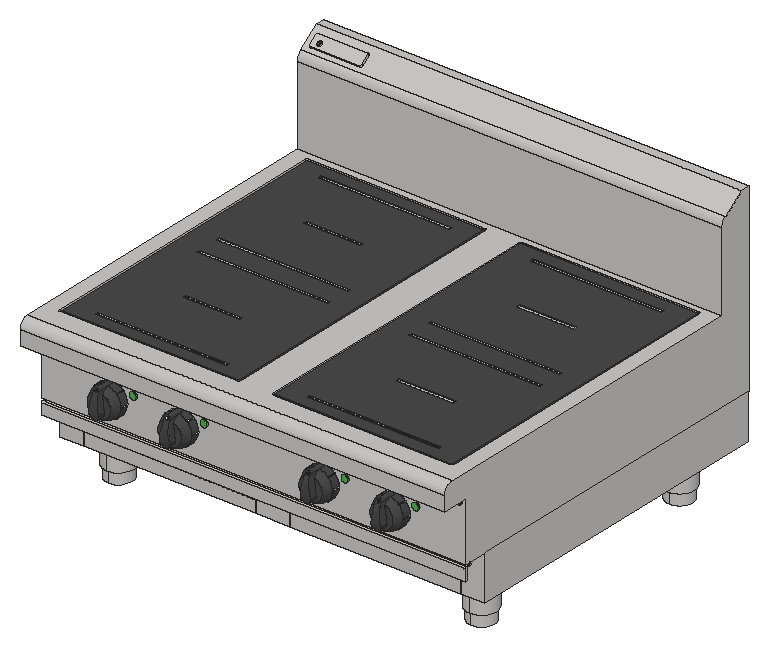
Revit family "QF_Moffat_IN8400R5-B_Induction Cooktop_cat", category Specialty Equipment, Revit 2019
Family settings
  Round Connector Dimension = Use Diameter
  Part Type = Normal
  Work Plane-Based = No
  Always vertical = Yes
  Cut with Voids When Loaded = No
  Shared = No
  Room Calculation Point = No
Parameters (values of type "INB8400R5-B_415/60/3")
  Weight in Kilograms = 105
  Watts = 20000 W
  Volts = 415 V
  URL Cutsheet = ""
  Specification by User = ""
  Specification by Manufacturer = ""
  Show Logo [instance] = yes
  Serial Number = ""
  Seismic Rating = ""
  SMACNA No = ""
  Revision Code = ""
  Phase = 3
  Number of Poles = 1
  NAFEM Spec ID Number = ""
  Model = "IN8400R5-B"
  Min Ckt Ampacity = 0 A
  Max Overcurrent Protection = 0 A
  Masterspec = ""
  Manufacturer = "Moffat"
  Length = 900 mm
  Item Number = ""
  Installed By = ""
  Identify Quantity as Lot = yes
  Height = 570 mm
  HP = ""
  Furnished By = ""
  Foodservice Equipment Identifier = yes
  FL Amps = 28 A
  Electrical Remarks = ""
  Electric Connection Type = ""
  Elec Conn RI Height = 0 mm
  Elec Conn Connection Height = 0 mm
  Description = "Induction Cooktop"
  Depth = 805 mm
  Cycle = 60 Hz
  Conn Plug = ""
  Conn Conduit = yes
  CSI MasterFormat = ""
  Apparent Power = if(Phase = 3, Volts * FL Amps * 1.73, Volts * FL Amps)  # 20102.6 VA
Reference planes
  plane 1 "BACK": y = 0
  plane 2: z = 0
  plane 3 "LEFT": x = 0
  plane 4 "RIGHT": x = 900
  plane 5 "FRONT": y = -805
  plane 6 "TOP": z = 570
  plane 7 "Center Y": x = 450
  plane 8 "Center X": y = -402.5
  plane 9: x = 65.5
  plane 10: y = -30
  plane 11: x = 770
  plane 12: z = 85
  plane 13: y = -100
  plane 14: y = -625
  plane 15: y = -70
  plane 16: z = 355
  plane 17: z = 75
  plane 18: x = 834.5
Forms (mm)
  Extrusion 1, solid, material "QF_Metal_Stainless_Polished"
    sketch origin (0, 0, 0) x (0, 1, 0) y (0, 0, 1)
      loop
        line (0, 180) -> (0, 570) -> (-18.182, 570) -> (-60.863, 538.99)
        arc (-60.863, 538.99) -> (-67.584, 531.121) -> (-70, 521.058) r 22.165
        line (-70, 521.058) -> (-70, 355) -> (-784.417, 355)
        arc (-784.417, 355) -> (-798.971, 348.971) -> (-805, 334.417) r 20.583
        line (-805, 334.417) -> (-805, 305) -> (-749, 305) -> (-749, 180) -> (0, 180)
    from 0 to 900
  Extrusion 2, void
    sketch origin (0, -784.171, 355) x (0, 1, 0) y (-1, 0, 0)
      loop
        arc (699.341, -37.323) -> (697.584, -33.08) -> (693.341, -31.323) r 6
        line (693.341, -31.323) -> (45.245, -31.323)
        arc (45.245, -31.323) -> (41.002, -33.08) -> (39.245, -37.323) r 6
        line (39.245, -37.323) -> (39.245, -410.105)
        arc (39.245, -410.105) -> (41.002, -414.347) -> (45.245, -416.105) r 6
        line (45.245, -416.105) -> (693.341, -416.105)
        arc (693.341, -416.105) -> (697.584, -414.347) -> (699.341, -410.105) r 6
        line (699.341, -410.105) -> (699.341, -37.323)
      loop
        line (699.341, -862.677) -> (699.341, -489.895)
        arc (699.341, -489.895) -> (697.584, -485.653) -> (693.341, -483.895) r 6
        line (693.341, -483.895) -> (45.245, -483.895)
        arc (45.245, -483.895) -> (41.002, -485.653) -> (39.245, -489.895) r 6
        line (39.245, -489.895) -> (39.245, -862.677)
        arc (39.245, -862.677) -> (41.002, -866.92) -> (45.245, -868.677) r 6
        line (45.245, -868.677) -> (693.341, -868.677)
        arc (693.341, -868.677) -> (697.584, -866.92) -> (699.341, -862.677) r 6
    from 0 to -9.5
  Extrusion 3, solid, material "QF_Plastic_Black_Smooth"
    sketch origin (0, -784.171, 355) x (0, 1, 0) y (-1, 0, 0)
      loop
        line (695.341, -410.105) -> (695.341, -37.323)
        arc (695.341, -37.323) -> (694.755, -35.908) -> (693.341, -35.323) r 2
        line (693.341, -35.323) -> (45.245, -35.323)
        arc (45.245, -35.323) -> (43.831, -35.908) -> (43.245, -37.323) r 2
        line (43.245, -37.323) -> (43.245, -410.105)
        arc (43.245, -410.105) -> (43.831, -411.519) -> (45.245, -412.105) r 2
        line (45.245, -412.105) -> (693.341, -412.105)
        arc (693.341, -412.105) -> (694.755, -411.519) -> (695.341, -410.105) r 2
      loop
        line (667.194, -86.598) -> (661.194, -86.598) -> (661.194, -363.75) -> (667.194, -363.75) -> (667.194, -86.598)
      loop
        line (526.611, -163.924) -> (526.611, -283.924) -> (532.611, -283.924) -> (532.611, -163.924) -> (526.611, -163.924)
      loop
        line (398.444, -86.598) -> (392.444, -86.598) -> (392.444, -363.75) -> (398.444, -363.75) -> (398.444, -86.598)
      loop
        line (345.944, -86.598) -> (339.944, -86.598) -> (339.944, -363.75) -> (345.944, -363.75) -> (345.944, -86.598)
      loop
        line (206.611, -163.924) -> (206.611, -283.924) -> (212.611, -283.924) -> (212.611, -163.924) -> (206.611, -163.924)
      loop
        line (77.194, -86.598) -> (71.194, -86.598) -> (71.194, -363.75) -> (77.194, -363.75) -> (77.194, -86.598)
      loop
        arc (695.341, -489.895) -> (694.755, -488.481) -> (693.341, -487.895) r 2
        line (693.341, -487.895) -> (45.245, -487.895)
        arc (45.245, -487.895) -> (43.831, -488.481) -> (43.245, -489.895) r 2
        line (43.245, -489.895) -> (43.245, -862.677)
        arc (43.245, -862.677) -> (43.831, -864.092) -> (45.245, -864.677) r 2
        line (45.245, -864.677) -> (693.341, -864.677)
        arc (693.341, -864.677) -> (694.755, -864.092) -> (695.341, -862.677) r 2
        line (695.341, -862.677) -> (695.341, -489.895)
      loop
        line (667.194, -813.402) -> (667.194, -536.25) -> (661.194, -536.25) -> (661.194, -813.402) -> (667.194, -813.402)
      loop
        line (526.611, -736.076) -> (532.611, -736.076) -> (532.611, -616.076) -> (526.611, -616.076) -> (526.611, -736.076)
      loop
        line (398.444, -813.402) -> (398.444, -536.25) -> (392.444, -536.25) -> (392.444, -813.402) -> (398.444, -813.402)
      loop
        line (345.944, -813.402) -> (345.944, -536.25) -> (339.944, -536.25) -> (339.944, -813.402) -> (345.944, -813.402)
      loop
        line (206.611, -736.076) -> (212.611, -736.076) -> (212.611, -616.076) -> (206.611, -616.076) -> (206.611, -736.076)
      loop
        line (77.194, -813.402) -> (77.194, -536.25) -> (71.194, -536.25) -> (71.194, -813.402) -> (77.194, -813.402)
    from 0 to -9.5
  Extrusion 4, solid, material "QF_Metal_Stainless_Polished"
    sketch origin (0, 0, 40) x (0, 1, 0) y (0, 0, 1)
      loop
        line (-739.467, 140) -> (-738.192, 134.838)
        arc (-738.192, 134.838) -> (-738.307, 134.302) -> (-738.799, 134.063) r 0.625
        line (-738.799, 134.063) -> (-746.111, 134.063)
        arc (-746.111, 134.063) -> (-748.011, 133.276) -> (-748.797, 131.377) r 2.686
        line (-748.797, 131.377) -> (-748.797, 107.627) -> (-747.197, 107.627) -> (-747.197, 131.242)
        arc (-747.197, 131.242) -> (-746.84, 132.105) -> (-745.976, 132.463) r 1.221
        line (-745.976, 132.463) -> (-738.755, 132.463)
        arc (-738.755, 132.463) -> (-737.028, 133.304) -> (-736.625, 135.182) r 2.194
        line (-736.625, 135.182) -> (-737.815, 140) -> (-739.467, 140)
    from 0 to 900
  Extrusion 5, solid, material "QF_Plastic_Black_Smooth"
    sketch origin (0, -749, 181.875) x (0, 0, 1) y (-1, 0, 0)
      loop
        circle (112.843, -13.157) r 5
      loop
        circle (112.843, -886.843) r 5
    from 0 to 1.6
  Extrusion 6, solid, material "QF_Metal_Stainless_Polished"
    sketch origin (450, -699, 85) x (0, 1, 0) y (1, 0, 0)
      loop
        circle (669, 320) r 6.35
    from 0 to 10
  Extrusion 7, solid, material "QF_Metal_Stainless_Polished"
    sketch origin (0, -699, 85) x (1, 0, 0) y (0, -1, 0)
      loop
        line (0, -699) -> (900, -699) -> (900, 0) -> (849.2, 0) -> (849.2, -25.4) -> (485.8, -25.4) -> (485.8, 0) -> (414.2, 0) -> (414.2, -25.4) -> (50.8, -25.4) -> (50.8, 0) -> (0, 0) -> (0, -699)
    from 0 to -95
  Extrusion 8, solid, material "QF_Metal_Stainless_Polished"
    sketch origin (50.8, -30, 85) x (0, 1, 0) y (0, 0, 1)
      loop
        line (-669, 0) -> (-643.6, 0) -> (-643.6, 26.45) -> (-669, 26.45) -> (-669, 0)
      loop
        line (-669, 32.45) -> (-643.6, 32.45) -> (-643.6, 66.4) -> (-669, 66.4) -> (-669, 32.45)
      loop
        line (-669, 67.4) -> (-643.6, 67.4) -> (-643.6, 95) -> (-669, 95) -> (-669, 67.4)
    from 0 to 363.4
  Revolve 9, solid, material "QF_Metal_Stainless_Polished"
    sketch origin (65.5, -4572, -304.8) x (0, 0, -1) y (0, -1, 0)
      loop
        line (-304.8, -4499.5) -> (-304.8, -4472) -> (-389.8, -4472) -> (-389.8, -4503.75) -> (-329.8, -4503.75) -> (-329.8, -4499.5) -> (-304.8, -4499.5)
      axis (-389.8, -4472) -> (-304.8, -4472)
    angle from 0 to 360
  Revolve 10, solid, material "QF_Metal_Stainless_Polished"
    sketch origin (65.5, -4572, -304.8) x (0, 0, -1) y (0, -1, 0)
      loop
        line (-304.8, -3974.5) -> (-304.8, -3947) -> (-389.8, -3947) -> (-389.8, -3978.75) -> (-329.8, -3978.75) -> (-329.8, -3974.5) -> (-304.8, -3974.5)
      axis (-389.8, -3947) -> (-304.8, -3947)
    angle from 0 to 360
  Revolve 11, solid, material "QF_Metal_Stainless_Polished"
    sketch origin (834.5, -4572, -304.8) x (0, 0, -1) y (0, 1, 0)
      loop
        line (-304.8, 4499.5) -> (-329.8, 4499.5) -> (-329.8, 4503.75) -> (-389.8, 4503.75) -> (-389.8, 4472) -> (-304.8, 4472) -> (-304.8, 4499.5)
      axis (-389.8, 4472) -> (-304.8, 4472)
    angle from 0 to 360
  Revolve 12, solid, material "QF_Metal_Stainless_Polished"
    sketch origin (834.5, -4572, -304.8) x (0, 0, -1) y (0, 1, 0)
      loop
        line (-304.8, 3974.5) -> (-329.8, 3974.5) -> (-329.8, 3978.75) -> (-389.8, 3978.75) -> (-389.8, 3947) -> (-304.8, 3947) -> (-304.8, 3974.5)
      axis (-389.8, 3947) -> (-304.8, 3947)
    angle from 0 to 360
  Extrusion 13, solid, material "QF_Metal_Stainless_Polished"
    sketch origin (900, 0, 0) x (-1, 0, 0) y (0, -1, 0)
      loop
        line (536.25, 122.976) -> (536.25, 116.976) -> (813.402, 116.976) -> (813.402, 122.976) -> (536.25, 122.976)
      loop
        line (736.076, 251.56) -> (736.076, 257.56) -> (616.076, 257.56) -> (616.076, 251.56) -> (736.076, 251.56)
      loop
        line (813.402, 385.726) -> (813.402, 391.726) -> (536.25, 391.726) -> (536.25, 385.726) -> (813.402, 385.726)
      loop
        line (813.402, 438.226) -> (813.402, 444.226) -> (536.25, 444.226) -> (536.25, 438.226) -> (813.402, 438.226)
      loop
        line (736.076, 571.56) -> (736.076, 577.56) -> (616.076, 577.56) -> (616.076, 571.56) -> (736.076, 571.56)
      loop
        line (536.25, 712.976) -> (536.25, 706.976) -> (813.402, 706.976) -> (813.402, 712.976) -> (536.25, 712.976)
      loop
        line (363.75, 122.976) -> (86.598, 122.976) -> (86.598, 116.976) -> (363.75, 116.976) -> (363.75, 122.976)
      loop
        line (163.924, 251.56) -> (283.924, 251.56) -> (283.924, 257.56) -> (163.924, 257.56) -> (163.924, 251.56)
      loop
        line (86.598, 385.726) -> (363.75, 385.726) -> (363.75, 391.726) -> (86.598, 391.726) -> (86.598, 385.726)
      loop
        line (86.598, 438.226) -> (363.75, 438.226) -> (363.75, 444.226) -> (86.598, 444.226) -> (86.598, 438.226)
      loop
        line (163.924, 571.56) -> (283.924, 571.56) -> (283.924, 577.56) -> (163.924, 577.56) -> (163.924, 571.56)
      loop
        line (363.75, 712.976) -> (86.598, 712.976) -> (86.598, 706.976) -> (363.75, 706.976) -> (363.75, 712.976)
    from 355 to 345.5
  Extrusion 14, solid, material "QF_Paint_Green"
    sketch origin (63.231, -748.999, 153.75) x (0, 0, 1) y (-1, 0, 0)
      loop
        circle (100.3, -282.5) r 7.15
    from 0 to 1.6
  Extrusion 15, solid, material "QF_Plastic_Black_Smooth"
    sketch origin (75, -748.999, 165.625) x (0, 0, 1) y (-1, 0, 0)
      loop
        circle (112.843, -225) r 5
    from 0 to 1.6
  Extrusion 16, solid, material "QF_Paint_Green"
    sketch origin (-86.769, -748.999, 153.75) x (0, 0, 1) y (-1, 0, 0)
      loop
        circle (100.3, -282.5) r 7.15
    from 0 to 1.6
  Extrusion 17, solid, material "QF_Plastic_Black_Smooth"
    sketch origin (-75, -748.999, 165.625) x (0, 0, 1) y (-1, 0, 0)
      loop
        circle (112.843, -225) r 5
    from 0 to 1.6
  Extrusion 18, solid, material "QF_Paint_Green"
    sketch origin (511.981, -748.999, 153.75) x (0, 0, 1) y (-1, 0, 0)
      loop
        circle (100.3, -282.5) r 7.15
    from 0 to 1.6
  Extrusion 19, solid, material "QF_Plastic_Black_Smooth"
    sketch origin (523.75, -748.999, 165.625) x (0, 0, 1) y (-1, 0, 0)
      loop
        circle (112.843, -225) r 5
    from 0 to 1.6
  Extrusion 20, solid, material "QF_Paint_Green"
    sketch origin (361.981, -748.999, 153.75) x (0, 0, 1) y (-1, 0, 0)
      loop
        circle (100.3, -282.5) r 7.15
    from 0 to 1.6
  Extrusion 21, solid, material "QF_Plastic_Black_Smooth"
    sketch origin (373.75, -748.999, 165.625) x (0, 0, 1) y (-1, 0, 0)
      loop
        circle (112.843, -225) r 5
    from 0 to 1.6
  Extrusion 22, solid, material "QF_Metal_Stainless_Polished"
    sketch origin (849.2, -30, 85) x (0, 1, 0) y (0, 0, -1)
      loop
        line (-669, 0) -> (-669, -26.45) -> (-643.6, -26.45) -> (-643.6, 0) -> (-669, 0)
      loop
        line (-669, -32.45) -> (-669, -66.4) -> (-643.6, -66.4) -> (-643.6, -32.45) -> (-669, -32.45)
      loop
        line (-669, -67.4) -> (-669, -95) -> (-643.6, -95) -> (-643.6, -67.4) -> (-669, -67.4)
    from 0 to 363.4
Cuts and joins
  Extrusion 2 cuts Extrusion 1
Lines and regions (mm)
  symbolic lines
    curve 1: line (0, 0, 0) -> (900, 0, 0)
    curve 2: line (0, -805, 0) -> (0, 0, 0)
    curve 3: line (900, -805, 0) -> (0, -805, 0)
    curve 4: line (900, 0, 0) -> (900, -805, 0)
    curve 5: line (0, -18.182, 0) -> (900, -18.182, 0)
    curve 6: line (0, -70, 0) -> (900, -70, 0)
    curve 7: line (37.323, -84.83, 0) -> (410.105, -84.83, 0)
    curve 8: arc (410.105, -84.83, 0) -> (414.347, -86.587, 0) -> (416.105, -90.83, 0) r 6
    curve 9: line (416.105, -90.83, 0) -> (416.105, -738.926, 0)
    curve 10: arc (416.105, -738.926, 0) -> (414.347, -743.168, 0) -> (410.105, -744.926, 0) r 6
    curve 11: line (410.105, -744.926, 0) -> (37.323, -744.926, 0)
    curve 12: arc (37.323, -744.926, 0) -> (33.08, -743.168, 0) -> (31.323, -738.926, 0) r 6
    curve 13: line (31.323, -738.926, 0) -> (31.323, -90.83, 0)
    curve 14: arc (31.323, -90.83, 0) -> (33.08, -86.587, 0) -> (37.323, -84.83, 0) r 6
    curve 15: line (410.105, -88.83, 0) -> (37.323, -88.83, 0)
    curve 16: arc (37.323, -88.83, 0) -> (35.908, -89.415, 0) -> (35.323, -90.83, 0) r 2
    curve 17: line (35.323, -90.83, 0) -> (35.323, -738.926, 0)
    curve 18: arc (35.323, -738.926, 0) -> (35.908, -740.34, 0) -> (37.323, -740.926, 0) r 2
    curve 19: line (37.323, -740.926, 0) -> (410.105, -740.926, 0)
    curve 20: arc (410.105, -740.926, 0) -> (411.519, -740.34, 0) -> (412.105, -738.926, 0) r 2
    curve 21: line (412.105, -738.926, 0) -> (412.105, -90.83, 0)
    curve 22: arc (412.105, -90.83, 0) -> (411.519, -89.415, 0) -> (410.105, -88.83, 0) r 2
    curve 23: line (416.105, -738.926, 0) -> (416.105, -90.83, 0)
    curve 24: line (412.105, -90.83, 0) -> (412.105, -738.926, 0)
    curve 25: line (862.677, -84.83, 0) -> (489.895, -84.83, 0)
    curve 26: arc (489.895, -84.83, 0) -> (485.653, -86.587, 0) -> (483.895, -90.83, 0) r 6
    curve 27: arc (483.895, -738.926, 0) -> (485.653, -743.168, 0) -> (489.895, -744.926, 0) r 6
    curve 28: line (489.895, -744.926, 0) -> (862.677, -744.926, 0)
    curve 29: arc (862.677, -744.926, 0) -> (866.92, -743.168, 0) -> (868.677, -738.926, 0) r 6
    curve 30: line (868.677, -738.926, 0) -> (868.677, -90.83, 0)
    curve 31: arc (868.677, -90.83, 0) -> (866.92, -86.587, 0) -> (862.677, -84.83, 0) r 6
    curve 32: line (489.895, -88.83, 0) -> (862.677, -88.83, 0)
    curve 33: arc (862.677, -88.83, 0) -> (864.092, -89.415, 0) -> (864.677, -90.83, 0) r 2
    curve 34: line (864.677, -90.83, 0) -> (864.677, -738.926, 0)
    curve 35: arc (864.677, -738.926, 0) -> (864.092, -740.34, 0) -> (862.677, -740.926, 0) r 2
    curve 36: line (862.677, -740.926, 0) -> (489.895, -740.926, 0)
    curve 37: arc (489.895, -740.926, 0) -> (488.481, -740.34, 0) -> (487.895, -738.926, 0) r 2
    curve 38: arc (487.895, -90.83, 0) -> (488.481, -89.415, 0) -> (489.895, -88.83, 0) r 2
    curve 39: line (487.895, -90.83, 0) -> (487.895, -738.926, 0)
    curve 40: arc (487.895, -738.926, 0) -> (488.481, -740.34, 0) -> (489.895, -740.926, 0) r 2
    curve 41: line (489.895, -740.926, 0) -> (862.677, -740.926, 0)
    curve 42: arc (862.677, -740.926, 0) -> (864.092, -740.34, 0) -> (864.677, -738.926, 0) r 2
    curve 43: line (864.677, -738.926, 0) -> (864.677, -90.83, 0)
    curve 44: arc (864.677, -90.83, 0) -> (864.092, -89.415, 0) -> (862.677, -88.83, 0) r 2
    curve 45: line (862.677, -88.83, 0) -> (489.895, -88.83, 0)
    curve 46: arc (489.895, -88.83, 0) -> (488.481, -89.415, 0) -> (487.895, -90.83, 0) r 2
    curve 47: line (483.895, -90.83, 0) -> (483.895, -738.926, 0)
    curve 48: arc (483.895, -738.926, 0) -> (485.653, -743.168, 0) -> (489.895, -744.926, 0) r 6
    curve 49: line (489.895, -744.926, 0) -> (862.677, -744.926, 0)
    curve 50: arc (862.677, -744.926, 0) -> (866.92, -743.168, 0) -> (868.677, -738.926, 0) r 6
    curve 51: line (868.677, -738.926, 0) -> (868.677, -90.83, 0)
    curve 52: arc (868.677, -90.83, 0) -> (866.92, -86.587, 0) -> (862.677, -84.83, 0) r 6
    curve 53: line (862.677, -84.83, 0) -> (489.895, -84.83, 0)
    curve 54: arc (489.895, -84.83, 0) -> (485.653, -86.587, 0) -> (483.895, -90.83, 0) r 6
    curve 55: line (86.598, -122.976, 0) -> (363.75, -122.976, 0)
    curve 56: line (363.75, -122.976, 0) -> (363.75, -116.976, 0)
    curve 57: line (363.75, -116.976, 0) -> (86.598, -116.976, 0)
    curve 58: line (86.598, -116.976, 0) -> (86.598, -122.976, 0)
    curve 59: line (283.924, -251.56, 0) -> (163.924, -251.56, 0)
    curve 60: line (163.924, -251.56, 0) -> (163.924, -257.56, 0)
    curve 61: line (163.924, -257.56, 0) -> (283.924, -257.56, 0)
    curve 62: line (283.924, -257.56, 0) -> (283.924, -251.56, 0)
    curve 63: line (536.25, -122.976, 0) -> (813.402, -122.976, 0)
    curve 64: line (813.402, -122.976, 0) -> (813.402, -116.976, 0)
    curve 65: line (813.402, -116.976, 0) -> (536.25, -116.976, 0)
    curve 66: line (536.25, -116.976, 0) -> (536.25, -122.976, 0)
    curve 67: line (813.402, -706.976, 0) -> (536.25, -706.976, 0)
    curve 68: line (536.25, -706.976, 0) -> (536.25, -712.976, 0)
    curve 69: line (536.25, -712.976, 0) -> (813.402, -712.976, 0)
    curve 70: line (813.402, -712.976, 0) -> (813.402, -706.976, 0)
    curve 71: line (86.598, -712.976, 0) -> (363.75, -712.976, 0)
    curve 72: line (363.75, -712.976, 0) -> (363.75, -706.976, 0)
    curve 73: line (363.75, -706.976, 0) -> (86.598, -706.976, 0)
    curve 74: line (86.598, -706.976, 0) -> (86.598, -712.976, 0)
    curve 75: line (283.924, -577.56, 0) -> (163.924, -577.56, 0)
    curve 76: line (163.924, -577.56, 0) -> (163.924, -571.56, 0)
    curve 77: line (163.924, -571.56, 0) -> (283.924, -571.56, 0)
    curve 78: line (283.924, -571.56, 0) -> (283.924, -577.56, 0)
    curve 79: line (86.598, -444.226, 0) -> (363.75, -444.226, 0)
    curve 80: line (363.75, -444.226, 0) -> (363.75, -438.226, 0)
    curve 81: line (363.75, -438.226, 0) -> (86.598, -438.226, 0)
    curve 82: line (86.598, -438.226, 0) -> (86.598, -444.226, 0)
    curve 83: line (86.598, -391.726, 0) -> (363.75, -391.726, 0)
    curve 84: line (363.75, -391.726, 0) -> (363.75, -385.726, 0)
    curve 85: line (363.75, -385.726, 0) -> (86.598, -385.726, 0)
    curve 86: line (86.598, -385.726, 0) -> (86.598, -391.726, 0)
    curve 87: line (813.402, -385.726, 0) -> (536.25, -385.726, 0)
    curve 88: line (536.25, -385.726, 0) -> (536.25, -391.726, 0)
    curve 89: line (536.25, -391.726, 0) -> (813.402, -391.726, 0)
    curve 90: line (813.402, -391.726, 0) -> (813.402, -385.726, 0)
    curve 91: line (616.076, -257.56, 0) -> (736.076, -257.56, 0)
    curve 92: line (736.076, -257.56, 0) -> (736.076, -251.56, 0)
    curve 93: line (736.076, -251.56, 0) -> (616.076, -251.56, 0)
    curve 94: line (616.076, -251.56, 0) -> (616.076, -257.56, 0)
    curve 95: line (536.25, -122.976, 0) -> (813.402, -122.976, 0)
    curve 96: line (813.402, -122.976, 0) -> (813.402, -116.976, 0)
    curve 97: line (813.402, -116.976, 0) -> (536.25, -116.976, 0)
    curve 98: line (536.25, -116.976, 0) -> (536.25, -122.976, 0)
    curve 99: line (813.402, -438.226, 0) -> (536.25, -438.226, 0)
    curve 100: line (536.25, -438.226, 0) -> (536.25, -444.226, 0)
    curve 101: line (536.25, -444.226, 0) -> (813.402, -444.226, 0)
    curve 102: line (813.402, -444.226, 0) -> (813.402, -438.226, 0)
    curve 103: line (736.076, -571.56, 0) -> (616.076, -571.56, 0)
    curve 104: line (616.076, -571.56, 0) -> (616.076, -577.56, 0)
    curve 105: line (616.076, -577.56, 0) -> (736.076, -577.56, 0)
    curve 106: line (736.076, -577.56, 0) -> (736.076, -571.56, 0)
    curve 107: line (813.402, -706.976, 0) -> (536.25, -706.976, 0)
    curve 108: line (536.25, -706.976, 0) -> (536.25, -712.976, 0)
    curve 109: line (536.25, -712.976, 0) -> (813.402, -712.976, 0)
    curve 110: line (813.402, -712.976, 0) -> (813.402, -706.976, 0)
Dimensions and locks
  equal spacing: plane 3 "LEFT", plane 7 "Center Y", plane 4 "RIGHT"
  "Length": plane 3 "LEFT" to plane 4 "RIGHT"
  equal spacing: plane 5 "FRONT", plane 8 "Center X", plane 1 "BACK"
  "Depth": plane 5 "FRONT" to plane 1 "BACK"
  "Height": plane 6 "TOP" to level
  plane 4 "RIGHT" to plane 3 "LEFT" = 900 mm
  plane 1 "BACK" to plane 5 "FRONT" = 805 mm
  plane 6 "TOP" to plane 2 = 570 mm
  locked: plane 11 to plane 4 "RIGHT" at 130
  plane 1 "BACK" to plane 10 = 30 mm
  plane 1 "BACK" to plane 13 to plane 14 = 100 mm, 525 mm
  plane 1 "BACK" to plane 15 = 70 mm
  plane 16 to level = 355 mm
  level to plane 12 = 85 mm
  plane 17 to level = 75 mm
  plane 11 to plane 4 "RIGHT" = 130 mm
  plane 18 to plane 9 = 769 mm
  locked: plane 4 "RIGHT" to plane 18 at 65.5
  aligned and locked: level to plane 2
  aligned and locked: plane 18 to Revolve 12
  aligned and locked: plane 18 to Revolve 11
  aligned and locked: Extrusion 7 sketch curve to plane 4 "RIGHT"
  aligned and locked: Extrusion 4 to plane 4 "RIGHT"
  aligned and locked: Extrusion 22 to Extrusion 7  (x2)
Automatic sketch dimensions
  Extrusion 1 sketch curve to plane 5 "FRONT" = 0 mm
  Extrusion 1 sketch curve to plane 16 = 0 mm
  Extrusion 1 sketch curve to plane 15 = 0 mm
  Extrusion 1 sketch curve to plane 6 "TOP" = 0 mm
  Extrusion 1 sketch curve to plane 1 "BACK" = 0 mm
  Extrusion 1 sketch curve to plane 5 "FRONT" = 20.583 mm
  Extrusion 1 sketch curve to plane 5 "FRONT" = 56 mm
  Extrusion 1 sketch curve to plane 15 = 9.137 mm
  plane 10 to Extrusion 1 sketch curve = 17.835 mm
  Extrusion 1 sketch curve to plane 10 = 11.818 mm
  Extrusion 1 sketch curve to Extrusion 1 sketch curve = 29.417 mm
  Extrusion 1 sketch curve to plane 12 = 95 mm
  Extrusion 1 sketch curve to plane 6 "TOP" = 48.942 mm
  Extrusion 4 sketch curve to plane 5 "FRONT" = 56.203 mm
  Extrusion 4 sketch curve to Extrusion 4 sketch curve = 1.6 mm
  Extrusion 4 sketch curve to Extrusion 4 sketch curve = 1.086 mm
  Extrusion 4 sketch curve to Extrusion 4 sketch curve = 0.135 mm  (x2)
  Extrusion 4 sketch curve to Extrusion 4 sketch curve = 6.644 mm
  Extrusion 4 sketch curve to Extrusion 4 sketch curve = 0.668 mm
  Extrusion 4 sketch curve to Extrusion 4 sketch curve = 0.044 mm
  Extrusion 4 sketch curve to Extrusion 4 sketch curve = 0.563 mm
  Extrusion 4 sketch curve to Extrusion 4 sketch curve = 1.652 mm
  Extrusion 4 sketch curve to Extrusion 4 sketch curve = 1.567 mm
  Extrusion 4 sketch curve to plane 12 = 62.627 mm
  Extrusion 4 sketch curve to Extrusion 4 sketch curve = 23.614 mm
  Extrusion 4 sketch curve to Extrusion 4 sketch curve = 0.594 mm
  Extrusion 4 sketch curve to Extrusion 4 sketch curve = 0.032 mm
  Extrusion 4 sketch curve to Extrusion 4 sketch curve = 5.162 mm
  Extrusion 1 to Extrusion 5 sketch curve = 10.282 mm  (x2)
  Extrusion 1 to Extrusion 5 sketch curve = 13.157 mm  (x2)
  plane 12 to Revolve 9 sketch curve = 0 mm
  Revolve 9 sketch curve to level = 0 mm  (x2)
  Revolve 9 sketch curve to plane 13 = 0 mm  (x2)
  plane 15 to Revolve 9 sketch curve = 2.5 mm
  level to Revolve 9 sketch curve = 25 mm
  Revolve 9 sketch curve to plane 15 = 1.75 mm
  Revolve 9 sketch curve to Revolve 9 sketch curve = 25 mm
  plane 12 to Revolve 10 sketch curve = 0 mm
  Revolve 10 sketch curve to level = 0 mm  (x2)
  Revolve 10 sketch curve to plane 14 = 0 mm  (x2)
  level to Revolve 10 sketch curve = 25 mm
  Revolve 10 sketch curve to Revolve 10 sketch curve = 27.5 mm
  Revolve 10 sketch curve to Revolve 10 sketch curve = 31.75 mm
  Revolve 10 sketch curve to Revolve 10 sketch curve = 25 mm
  plane 12 to Revolve 11 sketch curve = 0 mm
  Revolve 11 sketch curve to level = 0 mm  (x2)
  Revolve 11 sketch curve to plane 13 = 0 mm  (x2)
  plane 15 to Revolve 11 sketch curve = 2.5 mm
  Revolve 11 sketch curve to Revolve 11 sketch curve = 25 mm
  Revolve 11 sketch curve to plane 15 = 1.75 mm
  Revolve 11 sketch curve to level = 25 mm
  plane 12 to Revolve 12 sketch curve = 0 mm
  Revolve 12 sketch curve to level = 0 mm  (x2)
  Revolve 12 sketch curve to plane 14 = 0 mm  (x2)
  level to Revolve 12 sketch curve = 25 mm
  Revolve 12 sketch curve to plane 14 = 27.5 mm
  Revolve 12 sketch curve to Revolve 12 sketch curve = 4.25 mm
  Revolve 12 sketch curve to Revolve 12 sketch curve = 25 mm
  Extrusion 16 sketch curve to plane 16 = 100.95 mm
  Extrusion 16 sketch curve to plane 9 = 130.231 mm
  Extrusion 17 sketch curve to plane 16 = 76.532 mm
  Extrusion 17 sketch curve to plane 9 = 84.5 mm
  Extrusion 18 sketch curve to plane 11 = 24.481 mm
  Extrusion 18 sketch curve to plane 16 = 100.95 mm
  Extrusion 19 sketch curve to plane 16 = 76.532 mm
  plane 11 to Extrusion 19 sketch curve = 21.25 mm
  plane 12 to Extrusion 22 sketch curve = 0 mm
  plane 14 to Extrusion 22 sketch curve = 74 mm
  Extrusion 22 sketch curve to Extrusion 22 sketch curve = 0 mm  (x4)
  Extrusion 22 sketch curve to Extrusion 22 sketch curve = 25.4 mm
  Extrusion 22 sketch curve to plane 12 = 26.45 mm
  Extrusion 22 sketch curve to Extrusion 22 sketch curve = 6 mm
  Extrusion 22 sketch curve to Extrusion 22 sketch curve = 33.95 mm
  Extrusion 22 sketch curve to Extrusion 22 sketch curve = 1 mm
  Extrusion 22 sketch curve to Extrusion 22 sketch curve = 27.6 mm
  Extrusion 7 to Extrusion 6 sketch curve = 30 mm
  Extrusion 6 sketch curve to Extrusion 7 = 79.2 mm
  Extrusion 7 sketch curve to plane 3 "LEFT" = 0 mm
  plane 1 "BACK" to Extrusion 7 sketch curve = 0 mm
  plane 9 to Extrusion 7 sketch curve = 14.7 mm
  Extrusion 7 sketch curve to plane 7 "Center Y" = 35.8 mm
  plane 7 "Center Y" to Extrusion 7 sketch curve = 35.8 mm
  plane 18 to Extrusion 7 sketch curve = 14.7 mm
  plane 14 to Extrusion 7 sketch curve = 48.6 mm  (x2)
  Extrusion 7 sketch curve to Extrusion 7 sketch curve = 25.4 mm  (x3)
  Extrusion 8 sketch curve to Extrusion 7 = 0 mm  (x8)
  Extrusion 7 to Extrusion 8 sketch curve = 26.45 mm
  Extrusion 8 sketch curve to Extrusion 8 sketch curve = 6 mm
  Extrusion 7 to Extrusion 8 sketch curve = 28.6 mm
  Extrusion 8 sketch curve to Extrusion 8 sketch curve = 1 mm
  Extrusion 14 sketch curve to plane 7 "Center Y" = 104.269 mm
  Extrusion 14 sketch curve to plane 16 = 100.95 mm
  Extrusion 15 sketch curve to plane 16 = 76.532 mm
  Extrusion 15 sketch curve to plane 7 "Center Y" = 150 mm
  Extrusion 20 sketch curve to plane 16 = 100.95 mm
  plane 7 "Center Y" to Extrusion 20 sketch curve = 194.481 mm
  Extrusion 21 sketch curve to plane 16 = 76.532 mm
  plane 7 "Center Y" to Extrusion 21 sketch curve = 148.75 mm
  Extrusion 2 sketch curve to Extrusion 1 = 39.492 mm  (x2)
  Extrusion 2 sketch curve to Extrusion 2 sketch curve = 6 mm  (x6)
  Extrusion 1 to Extrusion 2 sketch curve = 20.83 mm  (x4)
  Extrusion 1 to Extrusion 2 sketch curve = 31.323 mm
  Extrusion 2 sketch curve to Extrusion 2 sketch curve = 372.782 mm
  Extrusion 2 sketch curve to Extrusion 2 sketch curve = 67.791 mm
  Extrusion 1 to Extrusion 2 sketch curve = 37.323 mm
  Extrusion 3 sketch curve to Extrusion 1 = 43.492 mm  (x2)
  Extrusion 3 sketch curve to Extrusion 3 sketch curve = 2 mm  (x6)
  Extrusion 3 sketch curve to Extrusion 3 sketch curve = 25.949 mm  (x2)
  Extrusion 3 sketch curve to Extrusion 3 sketch curve = 6 mm  (x12)
  Extrusion 3 sketch curve to Extrusion 3 sketch curve = 129.416 mm  (x2)
  Extrusion 3 sketch curve to Extrusion 3 sketch curve = 127.334 mm  (x2)
  Extrusion 3 sketch curve to Extrusion 3 sketch curve = 46.5 mm  (x2)
  Extrusion 3 sketch curve to Extrusion 3 sketch curve = 128.166 mm  (x2)
  Extrusion 1 to Extrusion 3 sketch curve = 52.976 mm  (x2)
  Extrusion 1 to Extrusion 3 sketch curve = 20.83 mm  (x4)
  Extrusion 1 to Extrusion 3 sketch curve = 35.323 mm
  Extrusion 3 sketch curve to Extrusion 3 sketch curve = 49.275 mm  (x2)
  Extrusion 1 to Extrusion 3 sketch curve = 86.598 mm  (x4)
  Extrusion 3 sketch curve to Extrusion 3 sketch curve = 0 mm  (x4)
  Extrusion 3 sketch curve to Extrusion 3 sketch curve = 77.326 mm  (x2)
  Extrusion 3 sketch curve to Extrusion 3 sketch curve = 120 mm  (x4)
  Extrusion 3 sketch curve to Extrusion 3 sketch curve = 79.826 mm  (x5)
  Extrusion 3 sketch curve to Extrusion 3 sketch curve = 46.355 mm  (x3)
  Extrusion 3 sketch curve to Extrusion 3 sketch curve = 75.791 mm
  Extrusion 3 sketch curve to Extrusion 3 sketch curve = 172.5 mm
  Extrusion 1 to Extrusion 3 sketch curve = 37.323 mm
  plane 18 to Extrusion 13 sketch curve = 21.098 mm  (x4)
  Extrusion 13 sketch curve to plane 11 = 33.924 mm  (x2)
  plane 14 to Extrusion 13 sketch curve = 47.44 mm
  Extrusion 13 sketch curve to Extrusion 13 sketch curve = 120 mm  (x2)
  plane 8 "Center X" to Extrusion 13 sketch curve = 41.726 mm  (x2)
  Extrusion 13 sketch curve to plane 7 "Center Y" = 86.25 mm  (x3)
  Extrusion 13 sketch curve to plane 8 "Center X" = 16.774 mm  (x2)
  Extrusion 13 sketch curve to Extrusion 13 sketch curve = 0 mm  (x2)
  Extrusion 13 sketch curve to plane 13 = 22.976 mm
  plane 7 "Center Y" to Extrusion 13 sketch curve = 86.25 mm  (x3)
  Extrusion 13 sketch curve to plane 13 = 16.976 mm
  plane 14 to Extrusion 13 sketch curve = 53.44 mm
  Extrusion 13 sketch curve to Extrusion 13 sketch curve = 79.826 mm  (x2)
  plane 9 to Extrusion 13 sketch curve = 98.424 mm  (x2)
  plane 9 to Extrusion 13 sketch curve = 21.098 mm  (x4)
  Extrusion 13 sketch curve to plane 14 = 81.976 mm  (x2)
  Extrusion 13 sketch curve to Extrusion 13 sketch curve = 6 mm  (x12)
  Extrusion 13 sketch curve to plane 8 "Center X" = 144.94 mm  (x2)
  curve 8 to curve 22 = 0 mm
  curve 10 to curve 20 = 0 mm  (x2)
  curve 12 to curve 18 = 0 mm  (x2)
  curve 14 to curve 16 = 0 mm  (x2)
  curve 27 to curve 37 = 0 mm
  curve 27 to curve 40 = 0 mm
  curve 29 to curve 35 = 0 mm  (x2)
  curve 38 to curve 54 = 0 mm
  curve 44 to curve 52 = 0 mm  (x2)
  plane 1 "BACK" to curve 1 = 0 mm
  curve 1 to plane 3 "LEFT" = 0 mm
  curve 6 to plane 4 "RIGHT" = 0 mm
  plane 5 "FRONT" to curve 3 = 0 mm
  plane 15 to curve 6 = 0 mm
  plane 3 "LEFT" to curve 13 = 31.323 mm
  curve 13 to curve 17 = 4 mm
  curve 16 to curve 16 = 2 mm
  curve 17 to curve 18 = 2 mm
  curve 85 to plane 9 = 21.098 mm
  curve 82 to plane 9 = 21.098 mm
  curve 71 to plane 9 = 21.098 mm
  curve 55 to plane 9 = 21.098 mm
  curve 77 to plane 9 = 98.424 mm
  curve 59 to plane 9 = 98.424 mm
  curve 60 to curve 62 = 120 mm
  curve 77 to plane 14 = 53.44 mm
  curve 76 to curve 77 = 120 mm
  plane 13 to curve 57 = 16.976 mm
  curve 57 to plane 7 "Center Y" = 86.25 mm
  curve 72 to plane 7 "Center Y" = 86.25 mm
  plane 8 "Center X" to curve 85 = 16.774 mm
  curve 85 to plane 7 "Center Y" = 86.25 mm
  curve 79 to curve 83 = 0 mm
  curve 10 to plane 7 "Center Y" = 39.895 mm
  plane 15 to curve 7 = 14.83 mm
  curve 7 to plane 7 "Center Y" = 39.895 mm
  curve 20 to curve 24 = 2 mm
  plane 7 "Center Y" to curve 47 = 33.895 mm
  curve 26 to curve 39 = 4 mm
  curve 46 to curve 45 = 2 mm
  curve 37 to curve 36 = 2 mm
  plane 8 "Center X" to curve 88 = 16.774 mm
  plane 7 "Center Y" to curve 88 = 86.25 mm
  curve 27 to curve 108 = 46.355 mm
  curve 101 to curve 88 = 0 mm
  plane 13 to curve 98 = 22.976 mm
  curve 46 to curve 98 = 46.355 mm
  curve 63 to curve 93 = 79.826 mm
  curve 105 to plane 14 = 47.44 mm
  curve 67 to curve 105 = 79.826 mm
  plane 11 to curve 106 = 33.924 mm
  plane 11 to curve 93 = 33.924 mm
  curve 90 to plane 18 = 21.098 mm
  curve 110 to plane 18 = 21.098 mm
  curve 95 to plane 18 = 21.098 mm
  curve 99 to plane 18 = 21.098 mm
  plane 18 to curve 53 = 28.177 mm
  plane 18 to curve 28 = 28.177 mm
  curve 31 to curve 34 = 2 mm
  curve 11 to plane 5 "FRONT" = 60.074 mm
  curve 49 to plane 5 "FRONT" = 60.074 mm
  curve 29 to curve 109 = 25.949 mm
  curve 18 to curve 74 = 25.949 mm
  curve 71 to curve 73 = 6 mm
  curve 69 to curve 70 = 6 mm
  curve 75 to curve 77 = 6 mm
  curve 105 to curve 106 = 6 mm
  curve 101 to plane 8 "Center X" = 41.726 mm
  curve 82 to plane 8 "Center X" = 41.726 mm
  curve 101 to curve 99 = 6 mm
  curve 79 to curve 82 = 6 mm
  curve 90 to curve 87 = 6 mm
  curve 84 to curve 84 = 6 mm
  plane 8 "Center X" to curve 92 = 144.94 mm
  plane 8 "Center X" to curve 62 = 144.94 mm
  curve 60 to curve 59 = 6 mm
  curve 91 to curve 94 = 6 mm
  curve 56 to curve 56 = 6 mm
  curve 63 to curve 98 = 6 mm
  curve 54 to plane 13 = 9.17 mm
  curve 5 to plane 10 = 11.818 mm
  radius of Extrusion 5 sketch curve = 5 mm  (x2)
  radius of Extrusion 16 sketch curve = 7.15 mm
  radius of Extrusion 17 sketch curve = 5 mm
  radius of Extrusion 18 sketch curve = 7.15 mm
  radius of Extrusion 19 sketch curve = 5 mm
  radius of Extrusion 6 sketch curve = 6.35 mm
  radius of Extrusion 14 sketch curve = 7.15 mm
  radius of Extrusion 15 sketch curve = 5 mm
  radius of Extrusion 20 sketch curve = 7.15 mm
  radius of Extrusion 21 sketch curve = 5 mm
Nested families
  nested 1: "QF_LOGO_Waldorf" at (12, -52.35, 545.175), visible <- "Show Logo", type "QF_LOGO_Waldorf"
  nested 2: "Knob" at (267.5, -739.499, 200.75), type "Knob"
  nested 3: "Knob" at (117.5, -739.499, 200.75), type "Knob"
  nested 4: "Knob" at (716.25, -739.499, 200.75), type "Knob"
  nested 5: "Knob" at (566.25, -739.499, 200.75), type "Knob"
Connectors
  electrical at (770, -30, 75), driven by "Volts", driven by "Watts"
    settings: on Extrusion 6, index 3, voltage 415 V, apparent load 20000 VA, apparent load phase1 0 VA, apparent load phase2 0 VA, apparent load phase3 0 VA, power factor 1, load classification "Other", number of poles 1, system type 30, power factor state 1, is connector primary yes, connector utility no, sub classification motor no, connector description "ELECTRICAL CONNECTION"
Definition of nested family "QF_LOGO_Waldorf"
  Parameters (values of type "QF_LOGO_Waldorf")
    Weight in Pounds = 0
    URL Cutsheet = ""
    Specification by User = ""
    Specification by Manufacturer = ""
    Serial Number = ""
    Seismic Rating = ""
    SMACNA No = ""
    Revision Code = ""
    NAFEM Spec ID Number = ""
    Masterspec = ""
    Length = 138 mm
    Item Number = ""
    Installed By = ""
    Identify Quantity as Lot = yes
    Height = 26.711 mm
    Furnished By = ""
    Foodservice Equipment Identifier = yes
    Depth = 3.175 mm
    CSI MasterFormat = ""
  Reference planes
    plane 1 "BACK": y = 0
    plane 2: z = 0
    plane 3 "LEFT": x = 0
    plane 4 "RIGHT": x = 138
    plane 5 "FRONT": y = -3.175
    plane 6 "TOP": z = 26.711
    plane 7 "Center Y": x = 69
    plane 8 "Center X": y = -1.587
  Forms (mm)
    Extrusion 1, solid
      sketch origin (0, 0, 0) x (1, 0, 0) y (0, 0.809017, 0.587785)
        loop
          line (109, 3.464) -> (109, 23.247)
          spline (109, 23.247) -> (108.966, 23.699) -> (108.864, 24.143) -> (108.696, 24.572) -> (108.464, 24.979) -> (108.173, 25.355) -> (107.828, 25.696) -> (107.435, 25.995) -> (107, 26.247) -> (106.531, 26.447) -> (106.035, 26.593) -> (105.522, 26.681) -> (105, 26.711)
          line (105, 26.711) -> (4, 26.711)
          spline (4, 26.711) -> (3.478, 26.681) -> (2.965, 26.593) -> (2.469, 26.447) -> (2, 26.247) -> (1.565, 25.995) -> (1.172, 25.696) -> (0.827, 25.355) -> (0.536, 24.979) -> (0.304, 24.572) -> (0.136, 24.143) -> (0.034, 23.699) -> (0, 23.247)
          line (0, 23.247) -> (0, 3.464)
          spline (0, 3.464) -> (0.034, 3.012) -> (0.136, 2.568) -> (0.304, 2.138) -> (0.536, 1.732) -> (0.827, 1.355) -> (1.172, 1.015) -> (1.565, 0.716) -> (2, 0.464) -> (2.469, 0.264) -> (2.965, 0.118) -> (3.478, 0.03) -> (4, 0)
          line (4, 0) -> (105, 0)
          spline (105, 0) -> (105.522, 0.03) -> (106.035, 0.118) -> (106.531, 0.264) -> (107, 0.464) -> (107.435, 0.716) -> (107.828, 1.015) -> (108.173, 1.355) -> (108.464, 1.732) -> (108.696, 2.138) -> (108.864, 2.568) -> (108.966, 3.012) -> (109, 3.464)
        loop
          line (14.75, 7.005) -> (14.75, 15.654)
          arc (14.75, 15.654) -> (10.425, 11.329) -> (14.75, 7.005) r 4.325
        loop
          line (15.25, 15.654) -> (15.25, 7.005)
          arc (15.25, 7.005) -> (19.575, 11.329) -> (15.25, 15.654) r 4.325
      from 0 to 3.2
    Extrusion 2, solid
      sketch origin (0, 0, 0) x (1, 0, 0) y (0, 0.809017, 0.587785)
        loop
          line (15.25, 15.654) -> (15.25, 7.005)
          arc (15.25, 7.005) -> (19.575, 11.329) -> (15.25, 15.654) r 4.325
      from 0 to 3.2
    Extrusion 3, solid
      sketch origin (16.271, 0, 0) x (-1, 0, 0) y (0, -0.809017, -0.587785)
        loop
          arc (1.521, -15.654) -> (5.846, -11.329) -> (1.521, -7.005) r 4.325
          line (1.521, -7.005) -> (1.521, -15.654)
      from 0 to 3.2
  Lines and regions (mm)
    Split face 1
      outline origin (0, -1.881, 2.589) x (1, 0, 0) y (0, 0.809017, 0.587785)
        loop
          spline (22.129, 16.975) -> (22.389, 15.984) -> (22.649, 15.002) -> (22.91, 14.028) -> (23.172, 13.065) -> (23.433, 12.11) -> (23.695, 11.166) -> (23.956, 10.232) -> (24.218, 9.308) -> (24.479, 8.396) -> (24.74, 7.495) -> (25, 6.605) -> (25.26, 5.728)
          line (25.26, 5.728) -> (29.463, 5.728)
          spline (29.463, 5.728) -> (29.582, 6.252) -> (29.701, 6.78) -> (29.82, 7.313) -> (29.939, 7.85) -> (30.058, 8.391) -> (30.178, 8.936) -> (30.297, 9.485) -> (30.416, 10.038) -> (30.536, 10.594) -> (30.655, 11.155) -> (30.775, 11.719) -> (30.894, 12.287)
          spline (30.894, 12.287) -> (31.018, 11.719) -> (31.142, 11.155) -> (31.266, 10.594) -> (31.39, 10.038) -> (31.514, 9.485) -> (31.638, 8.936) -> (31.762, 8.391) -> (31.885, 7.85) -> (32.009, 7.313) -> (32.133, 6.78) -> (32.256, 6.252) -> (32.379, 5.728)
          line (32.379, 5.728) -> (36.51, 5.728)
          spline (36.51, 5.728) -> (36.766, 6.605) -> (37.023, 7.495) -> (37.28, 8.396) -> (37.538, 9.308) -> (37.795, 10.232) -> (38.053, 11.166) -> (38.311, 12.11) -> (38.569, 13.065) -> (38.826, 14.028) -> (39.083, 15.002) -> (39.34, 15.984) -> (39.597, 16.975)
          line (39.597, 16.975) -> (35.637, 16.975)
          spline (35.637, 16.975) -> (35.523, 16.334) -> (35.41, 15.697) -> (35.296, 15.063) -> (35.182, 14.433) -> (35.068, 13.807) -> (34.954, 13.185) -> (34.84, 12.566) -> (34.726, 11.952) -> (34.612, 11.342) -> (34.497, 10.737) -> (34.383, 10.135) -> (34.269, 9.538)
          spline (34.269, 9.538) -> (34.138, 10.135) -> (34.008, 10.737) -> (33.877, 11.342) -> (33.746, 11.952) -> (33.616, 12.566) -> (33.485, 13.185) -> (33.354, 13.807) -> (33.224, 14.433) -> (33.093, 15.063) -> (32.963, 15.697) -> (32.833, 16.334) -> (32.703, 16.975)
          line (32.703, 16.975) -> (29.247, 16.975)
          spline (29.247, 16.975) -> (29.111, 16.334) -> (28.974, 15.697) -> (28.837, 15.063) -> (28.7, 14.433) -> (28.562, 13.807) -> (28.425, 13.185) -> (28.288, 12.566) -> (28.15, 11.952) -> (28.013, 11.342) -> (27.875, 10.737) -> (27.738, 10.135) -> (27.6, 9.538)
          spline (27.6, 9.538) -> (27.483, 10.135) -> (27.366, 10.737) -> (27.249, 11.342) -> (27.132, 11.952) -> (27.015, 12.566) -> (26.897, 13.185) -> (26.78, 13.807) -> (26.663, 14.433) -> (26.546, 15.063) -> (26.43, 15.697) -> (26.313, 16.334) -> (26.196, 16.975)
          line (26.196, 16.975) -> (22.129, 16.975)
    Split face 2
      outline origin (0, -1.881, 2.589) x (1, 0, 0) y (0, 0.809017, 0.587785)
        loop
          line (51.449, 5.728) -> (51.035, 6.606) -> (51.035, 11.169)
          spline (51.035, 11.169) -> (50.686, 12.42) -> (50.176, 13.224) -> (49.51, 13.708) -> (48.693, 13.995) -> (47.747, 14.152) -> (46.698, 14.207) -> (45.579, 14.186) -> (44.419, 14.114) -> (43.279, 13.929) -> (42.249, 13.481) -> (41.424, 12.614) -> (40.897, 11.169)
          line (40.897, 11.169) -> (44.617, 11.169) -> (44.988, 11.965)
          spline (44.988, 11.965) -> (47.294, 11.682) -> (46.856, 10.932) -> (45.527, 10.609) -> (43.858, 10.439) -> (42.259, 10.123) -> (41.078, 9.417) -> (40.563, 8.246) -> (40.689, 6.989) -> (41.407, 6.052) -> (42.774, 5.536) -> (44.847, 5.497) -> (47.306, 6.602)
          line (47.306, 6.602) -> (47.624, 5.728) -> (51.449, 5.728)
    Split face 3
      outline origin (0, -1.881, 2.589) x (1, 0, 0) y (0, 0.809017, 0.587785)
        loop
          line (47.264, 9.264) -> (44.938, 8.597)
          spline (44.938, 8.597) -> (44.508, 8.228) -> (44.402, 7.9) -> (44.548, 7.626) -> (44.877, 7.42) -> (45.317, 7.295) -> (45.797, 7.265) -> (46.252, 7.342) -> (46.65, 7.525) -> (46.971, 7.813) -> (47.194, 8.201) -> (47.298, 8.685) -> (47.264, 9.264)
    Split face 4
      outline origin (0, -1.881, 2.589) x (1, 0, 0) y (0, 0.809017, 0.587785)
        loop
          line (53.33, 16.975) -> (53.33, 5.728) -> (57.173, 5.728) -> (57.173, 16.975) -> (53.33, 16.975)
    Split face 5
      outline origin (0, -1.881, 2.589) x (1, 0, 0) y (0, 0.809017, 0.587785)
        loop
          line (65.795, 16.975) -> (65.795, 12.976)
          spline (65.795, 12.976) -> (63.839, 14.082) -> (62.087, 14.096) -> (60.633, 13.343) -> (59.574, 12.148) -> (58.99, 10.806) -> (58.867, 9.452) -> (59.156, 8.159) -> (59.81, 7) -> (60.786, 6.056) -> (62.111, 5.514) -> (63.868, 5.634) -> (66.137, 6.679)
          line (66.137, 6.679) -> (66.137, 5.728) -> (69.511, 5.728) -> (69.511, 16.975) -> (65.795, 16.975)
    Split face 6
      outline origin (0, -1.881, 2.589) x (1, 0, 0) y (0, 0.809017, 0.587785)
        loop
          spline (64.273, 7.499) -> (64.754, 7.57) -> (65.202, 7.777) -> (65.587, 8.106) -> (65.882, 8.535) -> (66.067, 9.034) -> (66.131, 9.57) -> (66.067, 10.106) -> (65.882, 10.605) -> (65.587, 11.034) -> (65.202, 11.363) -> (64.754, 11.57) -> (64.273, 11.64)
          spline (64.273, 11.64) -> (63.793, 11.57) -> (63.345, 11.363) -> (62.96, 11.034) -> (62.665, 10.605) -> (62.479, 10.106) -> (62.416, 9.57) -> (62.479, 9.034) -> (62.665, 8.535) -> (62.96, 8.106) -> (63.345, 7.777) -> (63.793, 7.57) -> (64.273, 7.499)
    Split face 7
      outline origin (0, -1.881, 2.589) x (1, 0, 0) y (0, 0.809017, 0.587785)
        loop
          spline (76.449, 5.305) -> (77.855, 5.457) -> (79.166, 5.901) -> (80.291, 6.607) -> (81.155, 7.527) -> (81.698, 8.599) -> (81.883, 9.749) -> (81.698, 10.899) -> (81.155, 11.97) -> (80.291, 12.891) -> (79.166, 13.597) -> (77.855, 14.041) -> (76.449, 14.192)
          spline (76.449, 14.192) -> (75.042, 14.041) -> (73.731, 13.597) -> (72.606, 12.891) -> (71.742, 11.97) -> (71.199, 10.899) -> (71.014, 9.749) -> (71.199, 8.599) -> (71.742, 7.527) -> (72.606, 6.607) -> (73.731, 5.901) -> (75.042, 5.457) -> (76.449, 5.305)
    Split face 8
      outline origin (0, -1.881, 2.589) x (1, 0, 0) y (0, 0.809017, 0.587785)
        loop
          spline (76.449, 7.654) -> (76.841, 7.725) -> (77.206, 7.934) -> (77.52, 8.267) -> (77.76, 8.701) -> (77.912, 9.206) -> (77.963, 9.749) -> (77.912, 10.291) -> (77.76, 10.796) -> (77.52, 11.23) -> (77.206, 11.563) -> (76.841, 11.772) -> (76.449, 11.843)
          spline (76.449, 11.843) -> (76.057, 11.772) -> (75.691, 11.563) -> (75.378, 11.23) -> (75.137, 10.796) -> (74.986, 10.291) -> (74.934, 9.749) -> (74.986, 9.206) -> (75.137, 8.701) -> (75.378, 8.267) -> (75.691, 7.934) -> (76.057, 7.725) -> (76.449, 7.654)
    Split face 9
      outline origin (0, -1.881, 2.589) x (1, 0, 0) y (0, 0.809017, 0.587785)
        loop
          line (86.998, 12.335) -> (86.998, 13.879) -> (83.479, 13.879) -> (83.479, 5.728) -> (87.312, 5.728) -> (87.312, 8.975)
          spline (87.312, 8.975) -> (87.364, 9.356) -> (87.458, 9.686) -> (87.594, 9.968) -> (87.769, 10.204) -> (87.982, 10.398) -> (88.229, 10.55) -> (88.509, 10.666) -> (88.82, 10.746) -> (89.16, 10.794) -> (89.525, 10.812) -> (89.915, 10.803) -> (90.327, 10.77)
          line (90.327, 10.77) -> (90.327, 14.113)
          spline (90.327, 14.113) -> (89.929, 14.127) -> (89.552, 14.111) -> (89.197, 14.066) -> (88.865, 13.991) -> (88.554, 13.887) -> (88.266, 13.754) -> (87.999, 13.591) -> (87.755, 13.399) -> (87.532, 13.177) -> (87.332, 12.926) -> (87.154, 12.645) -> (86.998, 12.335)
    Split face 10
      outline origin (0, -1.881, 2.589) x (1, 0, 0) y (0, 0.809017, 0.587785)
        loop
          line (92.082, 13.879) -> (90.894, 13.879) -> (90.894, 11.972) -> (92.082, 11.972) -> (92.082, 5.728) -> (95.871, 5.728) -> (95.871, 11.972) -> (97.5, 11.972) -> (97.5, 13.879) -> (95.871, 13.879)
          spline (95.871, 13.879) -> (95.843, 14.088) -> (95.845, 14.278) -> (95.877, 14.447) -> (95.939, 14.596) -> (96.03, 14.726) -> (96.151, 14.835) -> (96.301, 14.925) -> (96.482, 14.995) -> (96.692, 15.045) -> (96.931, 15.075) -> (97.201, 15.085) -> (97.5, 15.076)
          line (97.5, 15.076) -> (97.5, 17.266) -> (95.367, 17.266)
          spline (95.367, 17.266) -> (94.982, 17.253) -> (94.58, 17.21) -> (94.174, 17.132) -> (93.774, 17.013) -> (93.39, 16.846) -> (93.034, 16.627) -> (92.717, 16.349) -> (92.448, 16.007) -> (92.24, 15.595) -> (92.102, 15.106) -> (92.046, 14.537) -> (92.082, 13.879)
  Dimensions and locks
    equal spacing: plane 3 "LEFT", plane 7 "Center Y", plane 4 "RIGHT"
    "Length": plane 3 "LEFT" to plane 4 "RIGHT"
    equal spacing: plane 5 "FRONT", plane 8 "Center X", plane 1 "BACK"
    "Depth": plane 5 "FRONT" to plane 1 "BACK"
    "Height": plane 6 "TOP" to level
    plane 4 "RIGHT" to plane 3 "LEFT" = 138 mm
    aligned and locked: level to plane 2
  Automatic sketch dimensions
    Extrusion 1 sketch curve to plane 3 "LEFT" = 0 mm
    plane 3 "LEFT" to Extrusion 1 sketch curve = 4 mm  (x2)
    Extrusion 1 sketch curve to Extrusion 1 sketch curve = 10.75 mm
    Extrusion 1 sketch curve to Extrusion 1 sketch curve = 0.5 mm
    plane 4 "RIGHT" to Extrusion 1 sketch curve = 33 mm
    Extrusion 1 sketch curve to Extrusion 1 sketch curve = 0 mm  (x3)
    Extrusion 1 sketch curve to Extrusion 1 sketch curve = 4 mm
    Extrusion 1 sketch curve to Extrusion 1 sketch curve = 3.464 mm  (x3)
    Extrusion 1 sketch curve to Extrusion 1 sketch curve = 3.541 mm
    Extrusion 1 sketch curve to Extrusion 1 sketch curve = 4.325 mm
    Extrusion 1 sketch curve to Extrusion 1 sketch curve = 19.783 mm
    Extrusion 1 sketch curve to Extrusion 1 sketch curve = 7.592 mm
    plane 3 "LEFT" to Extrusion 2 sketch curve = 15.25 mm
    Extrusion 2 sketch curve to Extrusion 2 sketch curve = 4.325 mm
    plane 3 "LEFT" to Extrusion 3 sketch curve = 14.75 mm
    Extrusion 3 sketch curve to Extrusion 3 sketch curve = 4.325 mm
    Extrusion 1 to Split face 1 sketch curve = 6.879 mm
    Split face 1 sketch curve to Extrusion 1 = 5.728 mm
    Split face 1 sketch curve to Split face 1 sketch curve = 3.132 mm
    Split face 1 sketch curve to Split face 1 sketch curve = 4.068 mm
    Split face 1 sketch curve to Split face 1 sketch curve = 3.051 mm
    Split face 1 sketch curve to Split face 1 sketch curve = 4.203 mm
    Split face 1 sketch curve to Split face 1 sketch curve = 2.916 mm
    Split face 1 sketch curve to Split face 1 sketch curve = 3.456 mm
    Split face 1 sketch curve to Split face 1 sketch curve = 2.934 mm
    Split face 1 sketch curve to Split face 1 sketch curve = 4.131 mm
    Split face 1 sketch curve to Split face 1 sketch curve = 3.96 mm
    Split face 1 sketch curve to Split face 1 sketch curve = 0 mm  (x2)
    Split face 1 sketch curve to Extrusion 1 = 9.736 mm  (x2)
    Extrusion 1 to Split face 1 sketch curve = 6.337 mm
    Extrusion 1 to Split face 1 sketch curve = 6.231 mm
    Extrusion 1 to Split face 1 sketch curve = 3.184 mm
    Extrusion 1 to Split face 1 sketch curve = 13.135 mm
    Split face 1 sketch curve to Split face 1 sketch curve = 4.652 mm
    Split face 1 sketch curve to Split face 1 sketch curve = 3.593 mm
    Split face 1 sketch curve to Split face 1 sketch curve = 1.863 mm
    Split face 1 sketch curve to Split face 1 sketch curve = 0.713 mm
    Split face 1 sketch curve to Split face 1 sketch curve = 2.684 mm
    Split face 1 sketch curve to Split face 1 sketch curve = 3.294 mm
    Split face 1 sketch curve to Split face 1 sketch curve = 0.459 mm
    Split face 1 sketch curve to Split face 1 sketch curve = 2.775 mm
    Split face 1 sketch curve to Split face 1 sketch curve = 1.89 mm
    Split face 1 sketch curve to Split face 1 sketch curve = 0.685 mm
    Split face 1 sketch curve to Split face 1 sketch curve = 9.486 mm
    Split face 1 sketch curve to Split face 1 sketch curve = 16.213 mm
    Split face 1 sketch curve to Split face 1 sketch curve = 3.48 mm
    Split face 1 sketch curve to Split face 1 sketch curve = 4.918 mm
    Split face 1 sketch curve to Split face 1 sketch curve = 7.609 mm
    Split face 1 sketch curve to Split face 1 sketch curve = 0.01 mm  (x2)
    Split face 1 sketch curve to Split face 1 sketch curve = 0.002 mm
    Split face 2 sketch curve to Extrusion 1 = 11.169 mm
    Extrusion 1 to Split face 2 sketch curve = 25.647 mm
    Split face 2 sketch curve to Split face 2 sketch curve = 3.72 mm
    Split face 2 sketch curve to Extrusion 1 = 11.965 mm
    Split face 2 sketch curve to Split face 2 sketch curve = 0.371 mm
    Split face 2 sketch curve to Extrusion 1 = 6.602 mm
    Split face 2 sketch curve to Split face 2 sketch curve = 2.689 mm
    Split face 2 sketch curve to Split face 2 sketch curve = 0.318 mm
    Split face 2 sketch curve to Split face 2 sketch curve = 3.729 mm
    Split face 2 sketch curve to Split face 2 sketch curve = 0.414 mm
    Split face 2 sketch curve to Split face 2 sketch curve = 0.875 mm
    Split face 2 sketch curve to Split face 2 sketch curve = 0.878 mm
    Split face 3 sketch curve to Extrusion 1 = 8.597 mm
    Extrusion 1 to Split face 3 sketch curve = 29.688 mm
    Split face 3 sketch curve to Extrusion 1 = 9.264 mm
    Split face 3 sketch curve to Split face 3 sketch curve = 2.326 mm
    Split face 4 sketch curve to Extrusion 1 = 5.728 mm
    Extrusion 1 to Split face 4 sketch curve = 38.08 mm
    Split face 4 sketch curve to Split face 4 sketch curve = 3.843 mm
    Split face 4 sketch curve to Extrusion 1 = 9.736 mm
    Split face 5 sketch curve to Extrusion 1 = 9.736 mm
    Split face 5 sketch curve to Extrusion 1 = 43.205 mm
    Split face 5 sketch curve to Extrusion 1 = 6.679 mm
    Split face 5 sketch curve to Split face 5 sketch curve = 0.342 mm
    Split face 5 sketch curve to Split face 5 sketch curve = 3.375 mm
    Split face 5 sketch curve to Split face 5 sketch curve = 0.952 mm
    Split face 5 sketch curve to Split face 5 sketch curve = 3.998 mm
    Split face 6 sketch curve to Extrusion 1 = 7.499 mm
    Split face 6 sketch curve to Extrusion 1 = 44.727 mm
    Split face 6 sketch curve to Split face 6 sketch curve = 2.07 mm
    Split face 7 sketch curve to Extrusion 1 = 5.305 mm
    Split face 7 sketch curve to Extrusion 1 = 32.551 mm
    Split face 7 sketch curve to Split face 7 sketch curve = 4.443 mm
    Split face 8 sketch curve to Extrusion 1 = 7.654 mm
    Split face 8 sketch curve to Extrusion 1 = 32.551 mm
    Split face 8 sketch curve to Split face 8 sketch curve = 2.095 mm
    Split face 9 sketch curve to Extrusion 1 = 5.728 mm
    Split face 9 sketch curve to Extrusion 1 = 25.521 mm
    Split face 9 sketch curve to Split face 9 sketch curve = 3.519 mm
    Split face 9 sketch curve to Split face 9 sketch curve = 0.315 mm
    Split face 9 sketch curve to Split face 9 sketch curve = 3.33 mm
    Split face 9 sketch curve to Split face 9 sketch curve = 3.248 mm
    Split face 9 sketch curve to Split face 9 sketch curve = 1.795 mm
    Split face 9 sketch curve to Split face 9 sketch curve = 3.36 mm
    Split face 9 sketch curve to Split face 9 sketch curve = 1.545 mm
    Split face 9 sketch curve to Split face 9 sketch curve = 0.233 mm
    Split face 10 sketch curve to Extrusion 1 = 18.106 mm
    Split face 10 sketch curve to Split face 10 sketch curve = 1.188 mm  (x2)
    Split face 10 sketch curve to Split face 10 sketch curve = 3.285 mm
    Split face 10 sketch curve to Split face 10 sketch curve = 3.789 mm
    Split face 10 sketch curve to Split face 10 sketch curve = 0 mm  (x2)
    Split face 10 sketch curve to Split face 10 sketch curve = 1.629 mm
    Split face 10 sketch curve to Split face 10 sketch curve = 2.133 mm
    Split face 10 sketch curve to Extrusion 1 = 5.728 mm
    Split face 10 sketch curve to Split face 10 sketch curve = 6.245 mm
    Split face 10 sketch curve to Split face 10 sketch curve = 1.907 mm  (x2)
    Split face 10 sketch curve to Split face 10 sketch curve = 1.197 mm
    Split face 10 sketch curve to Split face 10 sketch curve = 2.19 mm
Definition of nested family "Knob"
  Parameters (values of type "Knob")
    Weight in Pounds = 0
    URL Cutsheet = ""
    Specification by User = ""
    Specification by Manufacturer = ""
    Serial Number = ""
    Seismic Rating = ""
    SMACNA No = ""
    Revision Code = ""
    NAFEM Spec ID Number = ""
    Masterspec = ""
    Length = 65 mm
    Item Number = ""
    Installed By = ""
    Identify Quantity as Lot = yes
    Height = 69.5 mm
    Furnished By = ""
    Foodservice Equipment Identifier = yes
    Depth = 59 mm
    CSI MasterFormat = ""
  Reference planes
    plane 1 "BACK": y = 0
    plane 2: z = 0
    plane 3 "LEFT": x = 0
    plane 4 "RIGHT": x = 65
    plane 5 "FRONT": y = -59
    plane 6 "TOP": z = 69.5
    plane 7 "Center Y": x = 32.5
    plane 8 "Center X": y = -29.5
  Forms (mm)
    Revolve 1, solid
      sketch origin (32.5, 175.397, 1219.2) x (0, 1, 0) y (0, 0, 1)
        loop
          line (-175.397, -1186.7) -> (-219.397, -1186.7) -> (-219.397, -1211.501) -> (-202.106, -1219.2) -> (-185.397, -1219.2) -> (-185.397, -1191.7) -> (-175.397, -1191.7) -> (-175.397, -1186.7)
        axis (-219.397, -1186.7) -> (-175.397, -1186.7)
      angle from 0 to 360
    Extrusion 2, solid
      sketch origin (32.5, 175.397, 1219.2) x (0, 1, 0) y (0, 0, 1)
        loop
          line (-202.106, -1154.2) -> (-185.397, -1154.2) -> (-185.397, -1149.7) -> (-224.105, -1149.7)
          arc (-224.105, -1149.7) -> (-233.965, -1178.467) -> (-230.696, -1208.7) r 70
